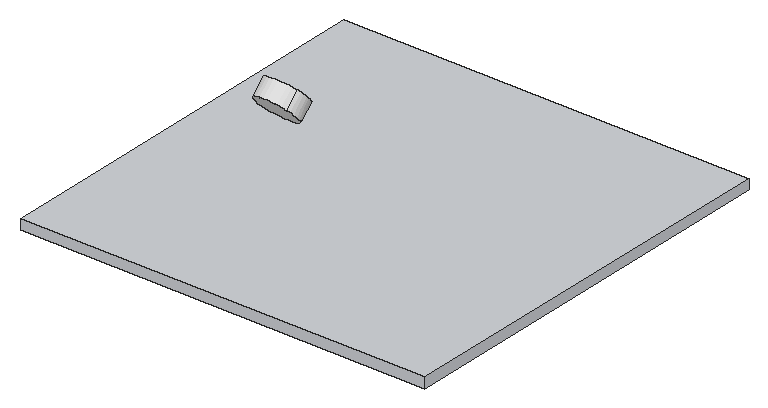
Revit family "7127000", category Aparatos sanitarios, Revit 2017
Family settings
  Anfitrión = Cara
  Cota de conector redondo = Diámetro de uso
  Tipo de pieza = Normal
  Número OmniClass = 23.45.55.14
  Título OmniClass = Single Faucets
  Corte con vacíos al cargar = No
  Compartido = No
  Punto de cálculo de habitación = No
Parameters (values of type "7127000")
  URL = "http://www.griferiasgalindo.com/bidet/albos/grifo-de-bidet-albos?c=es"
  Teléfono = "(+34) 915 782 575"
  TIPO DE AGUA = "Fria/Caliente"
  REFERENCIA = "7127000"
  Presión Máxima = "8 bar"
  PESO BRUTO = "1 Kg"
  Modelo = "GRIFO DE BIDET"
  Material = LATON CROMADO
  Imagen de tipo = <Ninguno>
  Fabricante = "PRESTO IBÉRICA"
  Default Elevation = 1219.2 mm
  ENTRADA = "Latiguillos de 3/8\""
  Descripción = "Monomando bidet"
  Código de montaje = "C1030220"
  Contacto = "info@prestoiberica.com"
  Conexión AF = yes
  Conexión AC = yes
  Comentarios de tipo = "Cartucho sellado mezclador con discos cerámicos de Ø 35 mm. Limitador de caudal y temperatura regulable. Suministrado con latiguillos flexibles de 3/8\" y longitud 35 mm."
  CIERRE = "Manual"
  CAUDAL = "13.8l/min"
  Accionamiento = "Mediante maneta"
Reference planes
  plane 1 "Centro (Frontal/Posterior)": y = 0
  plane 2: z = 0
  plane 3 "Centro (Izquierda/Derecha)": x = 0
Forms (mm)
  Extrusion 1, solid
    sketch origin (0, 0, 0) x (1, 0, 0) y (0, 1, 0)
      loop
        line (-100, 100) -> (-100, -100) -> (100, -100) -> (100, 100) -> (-100, 100)
    from 0 to -5
  Extrusion 2, solid, material "LATON CROMADO"
    sketch origin (-5.933, -66.658, 81.661) x (-0.80707, 0.407673, -0.427132) y (-0.590396, -0.546806, 0.593664)
      loop
        circle (-0.59, -10.705) r 10.5
    from 0 to -9
Dimensions and locks
  Extrusion 1 sketch curve to plane 1 "Centro (Frontal/Posterior)" = 100 mm
  aligned and locked: plane 2 to Extrusion 1
  aligned and locked: level to Extrusion 1
Connectors
  piping at (0.822, -0.002, 0), diameter 9.5
    settings: on import instance, index 4, connector inside diameter 609.6 mm, connector length 0 mm, flow factor 0, pipe flow 0.0 L/s, pressure drop 0.0 Pa, fitting loss kfactor 0, connector angle 0.00°, fixture units 0, engagement length 0 mm, angle of deflection 0.00°, flow configuration 0, flow direction 0, fitting loss method 0, system type 7, joint type 0, gender type 0, connector reference index -1, connector utility 0, adjustable connector no, is connector primary yes, connector description ""
